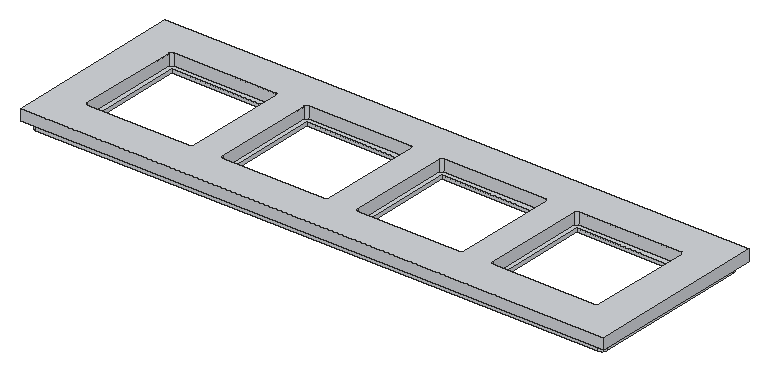
Revit family "Gira_0214122", category Electrical Fixtures, host Face, Revit 2017
Family settings
  Host = Face
  Maintain Annotation Orientation = No
  Round Connector Dimension = Use Diameter
  Part Type = Normal
  Cut with Voids When Loaded = No
  Shared = No
  Room Calculation Point = No
Parameters (values of type "Abdeckrahmen 4f Gira Esprit G Umbra")
  Werkstoffgüte = "Echtglas"
  Werkstoff = "Glas"
  URL = "http://katalog.gira.de/de_DE/datenblatt.html?artikelnr=0214122"
  Transparent = "No"
  Textfeld/Beschriftungsfläche = "No"
  Schutzart (IP) = "IP20"
  Region = "DE"
  Oberfläche = "sonstige"
  Name = "Abdeckrahmen 4f Gira Esprit G Umbra"
  Montagerichtung = "horizontal und vertikal"
  Mit Montagerahmen = "No"
  Mit Klappdeckel = "No"
  Manufacturer URL = "https://www.gira.de/"
  Keynote = "Espr._Rahmen_4fach"
  HeinzeBIM = "https://bimportal.heinze.de/bim/abdeckrahmen-4f-gira-esprit-g-umbra/e15bb0c47ecbdde05a5f78bb146c6e230ec7a2f4"
  Halogenfrei = "No"
  HAN = "0214122"
  Geeignet für Unterputz-Installation = "Yes"
  Geeignet für Unterflurkanaldose = "No"
  Geeignet für Geräteeinbaukanal = "No"
  Geeignet für Einbauinstallation = "No"
  GTIN = "4010337076360"
  Farbe = "braun"
  Default Elevation = 1219.2 mm
  Data sheet (1) = "https://katalog.gira.de/de_DE/download.html?artikelnr=0214122"
  Category = "Abdeckrahmen"
  Befestigungsart = "Klemmbefestigung"
  Available = "Yes"
  Anzahl der Einheiten vertikal = "4 "
  Anzahl der Einheiten horizontal = "4 "
  Anzahl der Einheiten = "4 "
Reference planes
  plane 1 "Center (Front/Back)": y = 0
  plane 2: z = 0
  plane 3 "Center (Left/Right)": x = 0
Forms (mm)
  Extrusion 1, solid, detail levels fine
    sketch origin (0, 0, 0) x (1, 0, 0) y (0, 1, 0)
      loop
        line (-154, 47.5) -> (-154, -47.5) -> (154, -47.5) -> (154, 47.5) -> (-154, 47.5)
      loop
        arc (-135.25, -26.8) -> (-134.811, -27.861) -> (-133.75, -28.3) r 1.5
        line (-133.75, -28.3) -> (-80.15, -28.3)
        arc (-80.15, -28.3) -> (-79.089, -27.861) -> (-78.65, -26.8) r 1.5
        line (-78.65, -26.8) -> (-78.65, 26.8)
        arc (-78.65, 26.8) -> (-79.089, 27.861) -> (-80.15, 28.3) r 1.5
        line (-80.15, 28.3) -> (-133.75, 28.3)
        arc (-133.75, 28.3) -> (-134.811, 27.861) -> (-135.25, 26.8) r 1.5
        line (-135.25, 26.8) -> (-135.25, -26.8)
      loop
        arc (-63.95, -26.8) -> (-63.511, -27.861) -> (-62.45, -28.3) r 1.5
        line (-62.45, -28.3) -> (-8.85, -28.3)
        arc (-8.85, -28.3) -> (-7.789, -27.861) -> (-7.35, -26.8) r 1.5
        line (-7.35, -26.8) -> (-7.35, 26.8)
        arc (-7.35, 26.8) -> (-7.789, 27.861) -> (-8.85, 28.3) r 1.5
        line (-8.85, 28.3) -> (-62.45, 28.3)
        arc (-62.45, 28.3) -> (-63.511, 27.861) -> (-63.95, 26.8) r 1.5
        line (-63.95, 26.8) -> (-63.95, -26.8)
      loop
        arc (7.35, -26.8) -> (7.789, -27.861) -> (8.85, -28.3) r 1.5
        line (8.85, -28.3) -> (62.45, -28.3)
        arc (62.45, -28.3) -> (63.511, -27.861) -> (63.95, -26.8) r 1.5
        line (63.95, -26.8) -> (63.95, 26.8)
        arc (63.95, 26.8) -> (63.511, 27.861) -> (62.45, 28.3) r 1.5
        line (62.45, 28.3) -> (8.85, 28.3)
        arc (8.85, 28.3) -> (7.789, 27.861) -> (7.35, 26.8) r 1.5
        line (7.35, 26.8) -> (7.35, -26.8)
      loop
        arc (78.65, -26.8) -> (79.089, -27.861) -> (80.15, -28.3) r 1.5
        line (80.15, -28.3) -> (133.75, -28.3)
        arc (133.75, -28.3) -> (134.811, -27.861) -> (135.25, -26.8) r 1.5
        line (135.25, -26.8) -> (135.25, 26.8)
        arc (135.25, 26.8) -> (134.811, 27.861) -> (133.75, 28.3) r 1.5
        line (133.75, 28.3) -> (80.15, 28.3)
        arc (80.15, 28.3) -> (79.089, 27.861) -> (78.65, 26.8) r 1.5
        line (78.65, 26.8) -> (78.65, -26.8)
    from 0 to 6
  Extrusion 2, solid, detail levels fine
    sketch origin (0, 0, 0) x (1, 0, 0) y (0, 1, 0)
      loop
        line (-132.85, -25.7) -> (-81.05, -25.7) -> (-81.05, 25.7) -> (-132.85, 25.7) -> (-132.85, -25.7)
      loop
        line (61.55, 25.7) -> (9.75, 25.7) -> (9.75, -25.7) -> (61.55, -25.7) -> (61.55, 25.7)
      loop
        arc (-149.85, -41.4) -> (-149.323, -42.673) -> (-148.05, -43.2) r 1.8
        line (-148.05, -43.2) -> (148.05, -43.2)
        arc (148.05, -43.2) -> (149.323, -42.673) -> (149.85, -41.4) r 1.8
        line (149.85, -41.4) -> (149.85, 41.4)
        arc (149.85, 41.4) -> (149.323, 42.673) -> (148.05, 43.2) r 1.8
        line (148.05, 43.2) -> (-148.05, 43.2)
        arc (-148.05, 43.2) -> (-149.323, 42.673) -> (-149.85, 41.4) r 1.8
        line (-149.85, 41.4) -> (-149.85, -41.4)
      loop
        line (-9.75, 25.7) -> (-61.55, 25.7) -> (-61.55, -25.7) -> (-9.75, -25.7) -> (-9.75, 25.7)
      loop
        line (132.85, 25.7) -> (81.05, 25.7) -> (81.05, -25.7) -> (132.85, -25.7) -> (132.85, 25.7)
    from -1.9 to 0
  Extrusion 3, solid, detail levels fine
    sketch origin (0, 0, 0) x (1, 0, 0) y (0, 1, 0)
      loop
        arc (-148.05, 44.4) -> (-150.171, 43.521) -> (-151.05, 41.4) r 3
        line (-151.05, 41.4) -> (-151.05, -41.4)
        arc (-151.05, -41.4) -> (-150.171, -43.521) -> (-148.05, -44.4) r 3
        line (-148.05, -44.4) -> (148.05, -44.4)
        arc (148.05, -44.4) -> (150.171, -43.521) -> (151.05, -41.4) r 3
        line (151.05, -41.4) -> (151.05, 41.4)
        arc (151.05, 41.4) -> (150.171, 43.521) -> (148.05, 44.4) r 3
        line (148.05, 44.4) -> (-148.05, 44.4)
      loop
        arc (-149.85, -41.4) -> (-149.323, -42.673) -> (-148.05, -43.2) r 1.8
        line (-148.05, -43.2) -> (148.05, -43.2)
        arc (148.05, -43.2) -> (149.323, -42.673) -> (149.85, -41.4) r 1.8
        line (149.85, -41.4) -> (149.85, 41.4)
        arc (149.85, 41.4) -> (149.323, 42.673) -> (148.05, 43.2) r 1.8
        line (148.05, 43.2) -> (-148.05, 43.2)
        arc (-148.05, 43.2) -> (-149.323, 42.673) -> (-149.85, 41.4) r 1.8
        line (-149.85, 41.4) -> (-149.85, -41.4)
    from -3.7 to 0
  Extrusion 4, solid, detail levels medium
    sketch origin (0, 0, 0) x (1, 0, 0) y (0, 1, 0)
      loop
        line (-154, 47.5) -> (-154, -47.5) -> (154, -47.5) -> (154, 47.5) -> (-154, 47.5)
    from 0 to 6
  Extrusion 5, solid, detail levels medium
    sketch origin (0, 0, 0) x (1, 0, 0) y (0, 1, 0)
      loop
        line (-154, 44.4) -> (-154, -44.4) -> (154, -44.4) -> (154, 44.4) -> (-154, 44.4)
    from -3.7 to 0
  Extrusion 6, solid, detail levels coarse
    sketch origin (0, 0, 0) x (1, 0, 0) y (0, 1, 0)
      loop
        line (-154, 47.5) -> (-154, -47.5) -> (154, -47.5) -> (154, 47.5) -> (-154, 47.5)
    from -3.7 to 6
Dimensions and locks
  aligned and locked: plane 2 to host face
  aligned and locked: level to host face
